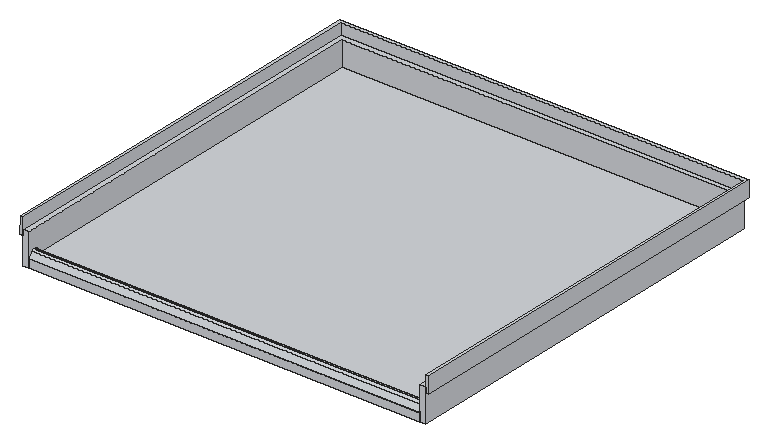
Revit family "Shower_Base-Willoughby AS-S3636ADA-L", category Plumbing Fixtures, Revit 2015
Parameters (values of type "Left Drain")
  Waste Connection = no
  Vent Connection = no
  URL = "https://www.willoughby-ind.com/wp-content/uploads/2018/02/AS-S3636ADA-Spec-Page.pdf"
  Revision = "A"
  Model = "AS-S3636ADA-L"
  Manufacturer = "Willoughby Industries"
  Location Drain = 0' - 7 3/4"
  HW Connection = no
  Drain Front Edge = 2' - 7 3/8"
  Description = "36\" X 36\" Shower Base, Rear Trench, Left Drain"
  Contact number = "(800) 428-4065"
  CW Connection = no
Reference planes (in)
  plane 1 "Center (Front/Back)": y = 0
  plane 2: z = 0
  plane 3 "Center (Left/Right)": x = 0
Forms (in)
  Extrusion 1, solid
    sketch origin (0, 0, 0) x (1, 0, 0) y (0, 1, 0)
      loop
        line (-18, 0) -> (-18, -18) -> (18, -18) -> (18, 18) -> (-18, 18) -> (-18, 0)
    from 0 to 0.75
  Extrusion 2, solid
    sketch origin (0, 0, 0) x (1, 0, 0) y (0, 1, 0)
      loop
        line (-18, -18) -> (-18, 18) -> (18, 18) -> (18, -18) -> (18.5, -18) -> (18.5, 18.5) -> (-18.5, 18.5) -> (-18.5, -18) -> (-18, -18)
    from 0 to 3
  Extrusion 3, solid
    sketch origin (0, 0, 0) x (1, 0, 0) y (0, 1, 0)
      loop
        line (-18.75, -18) -> (-18.5, -18) -> (-18.5, 18.5) -> (18.5, 18.5) -> (18.5, -18) -> (18.75, -18) -> (18.75, 18.75) -> (-18.75, 18.75) -> (-18.75, -18)
    from 2.5 to 4
  Extrusion 4, solid
    sketch origin (0, 0, 0) x (1, 0, 0) y (0, 1, 0)
      loop
        circle (-11, 13.375) r 1
    from -1.5625 to 0
  Extrusion 5, solid
    sketch origin (0, 0, 0) x (0, 1, 0) y (0, 0, 1)
      loop
        line (-18, 0.75) -> (-16.875, 0.75) -> (-17.18771, 1.27118)
        arc (-17.18771, 1.27118) -> (-17.26968, 1.34416) -> (-17.375, 1.375) r 0.25
        line (-17.375, 1.375) -> (-17.5, 1.375)
        arc (-17.5, 1.375) -> (-17.60532, 1.34416) -> (-17.68729, 1.27118) r 0.25
        line (-17.68729, 1.27118) -> (-18, 0.75)
    from -18 to 18
Dimensions and locks (in)
  "Drain Front Edge": Extrusion 1 to Extrusion 4 sketch curve
  "Location Drain": Extrusion 3 to Extrusion 4 sketch curve
  aligned and locked: level to plane 2
Automatic sketch dimensions
  plane 1 "Center (Front/Back)" to Extrusion 1 sketch curve = 0' - 0"
  Extrusion 1 sketch curve to plane 3 "Center (Left/Right)" = 1' - 6"
  plane 3 "Center (Left/Right)" to Extrusion 1 sketch curve = 1' - 6"
  plane 1 "Center (Front/Back)" to Extrusion 1 sketch curve = 1' - 6"
  Extrusion 1 sketch curve to plane 1 "Center (Front/Back)" = 1' - 6"
  Extrusion 2 sketch curve to plane 3 "Center (Left/Right)" = 1' - 6 1/2"
  Extrusion 2 sketch curve to Extrusion 2 sketch curve = 0' - 0 1/2"  (x3)
  plane 3 "Center (Left/Right)" to Extrusion 2 sketch curve = 1' - 6"
  plane 1 "Center (Front/Back)" to Extrusion 2 sketch curve = 1' - 6"  (x2)
  Extrusion 2 sketch curve to plane 1 "Center (Front/Back)" = 1' - 6"
  Extrusion 3 sketch curve to plane 3 "Center (Left/Right)" = 1' - 6 3/4"
  Extrusion 3 sketch curve to Extrusion 3 sketch curve = 0' - 0 1/4"  (x3)
  plane 3 "Center (Left/Right)" to Extrusion 3 sketch curve = 1' - 6 1/2"
  plane 1 "Center (Front/Back)" to Extrusion 3 sketch curve = 1' - 6"  (x2)
  Extrusion 3 sketch curve to plane 1 "Center (Front/Back)" = 1' - 6 1/2"
  level to Extrusion 5 sketch curve = 0' - 0 3/4"
  plane 1 "Center (Front/Back)" to Extrusion 5 sketch curve = 1' - 6"
  level to Extrusion 5 sketch curve = 0' - 1.27118"  (x2)
  Extrusion 5 sketch curve to Extrusion 5 sketch curve = 0' - 0.31271"  (x2)
  Extrusion 5 sketch curve to Extrusion 5 sketch curve = 0' - 0.18729"  (x2)
  Extrusion 5 sketch curve to Extrusion 5 sketch curve = 0' - 0.20317"
  Extrusion 5 sketch curve to Extrusion 5 sketch curve = 0' - 0.09324"
  Extrusion 5 sketch curve to Extrusion 5 sketch curve = 0' - 0 1/8"
  Extrusion 5 sketch curve to Extrusion 5 sketch curve = 0' - 0.14568"
  radius of Extrusion 4 sketch curve = 0' - 1"
